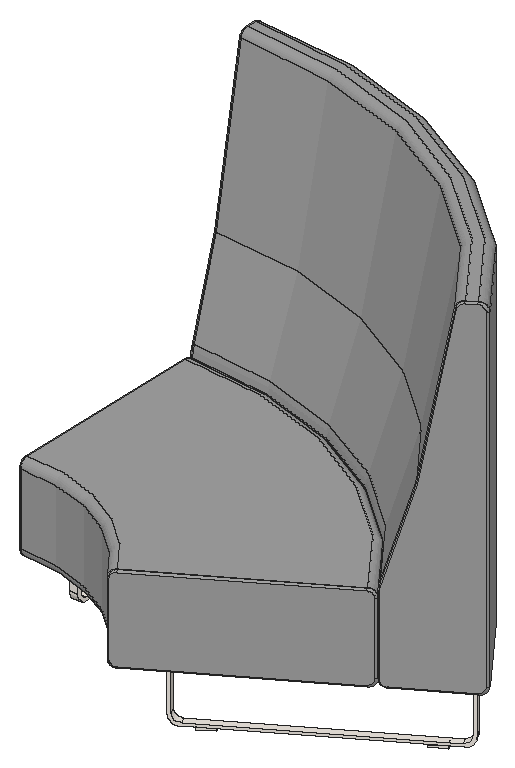
Revit family "Haworth_Riverbend_ConcaveBench60_AP_PRELIMINARY", category Furniture, Revit 2018
Family settings
  OmniClass Number = 23.40.70.14.64.21
  OmniClass Title = Systems Furniture
  Work Plane-Based = No
  Always vertical = Yes
  Cut with Voids When Loaded = No
  Shared = No
  Room Calculation Point = No
Parameters (values of type "1430w x 930d x 450h - High Back")
  Width Straight Edge = if(Small, 880 mm, 930 mm)  # 930 mm
  Warranty = "http://www.haworth.com/resources/product-info/warranties"
  URL - Product = "https://www.haworth.com/ap/en/products/sofas-armchairs/riverbend-pebble.html"
  Trim Finish = Haworth _ Paint _ Plaster
  Symbolic Line Controller = not(No Back)  # yes
  Small = not(Large)  # no
  Seat Upholstery Finish [instance] = Haworth _ Fabric _ Tellure _ Steel 3A-39
  No Back = not(or(Mid Back, High Back))  # no
  Mid Back = no
  Model = "SERICX6F"  # constant formula
  Low = no
  Large = yes
  High Back = yes
  High = not(Low)  # yes
  Description = "Haworth - Riverbend - Concave Bench - 60 Degree"  # constant formula
  URL = "https://www.haworth.com/ap/en.html"
  Size = "Verify Final Dim. w/ Haworth"  # constant formula
  Revision Number = "1"  # constant formula
  Manufacturer = "Haworth"  # constant formula
  Back Upholstery Finish [instance] = Haworth _ Fabric _ Tellure _ Steel 3A-39
  Author = "Haworth (Bentzen, Abd Rahman)"  # constant formula
  Assembly Code = "E2020200"
  Actual Width = 1430 mm  # constant formula
  Actual Height = if(Low, 390 mm, 450 mm)  # 450 mm
  Actual Depth = if(Small, 880 mm, 930 mm)  # 930 mm
Reference planes
  plane 1 "Bottom": z = 0
  plane 2 "Top": z = 450
  plane 3 "Top - Bottom of Chamfer Edge": z = 443.65
  plane 4 "Frame Bottom": z = 170.6
  plane 5 "Bottom - Top of Chamfer Edge": z = 176.95
  plane 6 "Leg Bracket - Bottom": z = 177.8
  plane 7 "Leg Bottom - Top of Bottom": z = 15.875
  plane 8 "Foot - Top of Foot": z = 6.35
  plane 9: through (-44.745, -49.082, 1219.2) normal (0.5, 0.866, 0)
  plane 10: x = -521.282
  plane 11: through (68.034, -539.021, 1219.2) normal (-0.5, 0.866, 0)
  plane 12: through (234.368, 434.356, 1219.2) normal (0.5, 0.866, 0)
  plane 13: y = 635.131
  plane 14: through (-521.483, -874.815, 1219.2) normal (-0.7071, 0.7071, 0)
  plane 15: z = 431.8
  plane 16: y = -294.869
  plane 17: y = -196.719
  plane 18 "revolve_origin": x = -514.932
  plane 19 "revolve_axis": y = -868.265
  plane 20: through (787.046, -116.567, 1219.2) normal (0.866, 0.5, 0)
  plane 21: through (61.144, -535.667, 1219.2) normal (0.866, 0.5, 0)
  plane 22: y = -535.667
  plane 23: through (-226.894, -369.368, 1219.2) normal (-0.866, 0.5, 0)
  plane 24: through (787.046, -116.567, 1219.2) normal (-0.5, 0.866, 0)
  plane 25: through (-182.336, -292.192, 1219.2) normal (0.5, 0.866, 0)
  plane 26: through (-483.354, 659.63, 1219.2) normal (-0.866, 0.5, 0)
  plane 27: through (755.062, -55.37, 1219.2) normal (-0.866, 0.5, 0)
  plane 28: through (-1452.669, 352.509, 1219.2) normal (0.5, 0.866, 0)
  plane 29: y = 357.765
Lines and regions (mm)
  Masking region 1
    outline origin (0, 0, 450) x (-1, 0, 0) y (0, -1, 0)
      loop
        line (521.282, -635.131) -> (521.282, 203.069)
        arc (521.282, 203.069) -> (182.336, 292.192) -> (-64.319, 541.166) r 665.439
        line (-64.319, 541.166) -> (-790.221, 122.066)
        arc (-790.221, 122.066) -> (-236.444, -433.158) -> (521.282, -635.131) r 1507.586
  symbolic lines, style "Haworth", visible <- "Symbolic Line Controller", detail levels medium+fine
    curve 1: arc (396.496, -349.384, 450) -> (9.458, 40.005, 450) -> (-521.282, 180.495, 450) r 1048.779
Dimensions and locks
  locked: plane 2 "Top" to plane 3 "Top - Bottom of Chamfer Edge" at 6.35
  plane 6 "Leg Bracket - Bottom" to plane 5 "Bottom - Top of Chamfer Edge" to plane 4 "Frame Bottom" = 0.85 mm locked, 6.35 mm locked
  plane 2 "Top" to plane 4 "Frame Bottom" = 279.4 mm
  "Actual Height": plane 2 "Top" to plane 1 "Bottom"
  plane 2 "Top" to plane 1 "Bottom" = 450 mm
  "Actual Width": plane 26 to plane 27
  plane 12 to plane 28 = 914.4 mm
  "Actual Depth": plane 16 to plane 13
  aligned and locked: plane 10 to nested 2
  aligned and locked: plane 13 to nested 2
  aligned and locked: plane 10 to nested 1
  aligned and locked: plane 6 "Leg Bracket - Bottom" to nested 1
  aligned and locked: plane 10 to nested 3
  aligned and locked: plane 13 to nested 3
  aligned and locked: plane 6 "Leg Bracket - Bottom" to nested 3
  aligned and locked: plane 13 to nested 1
  aligned and locked: plane 13 to nested 4
  aligned and locked: plane 10 to nested 4
  aligned and locked: plane 6 "Leg Bracket - Bottom" to nested 4
  aligned and locked: nested 4 to curve 1
  aligned and locked: nested 3 to curve 1
  aligned and locked: Masking region 1 sketch curve to plane 10
  aligned and locked: Masking region 1 sketch curve to plane 11
  aligned and locked: plane 21 to Masking region 1 sketch curve
  aligned and locked: plane 13 to Masking region 1 sketch curve
Automatic sketch dimensions
  Masking region 1 sketch curve to plane 23 = 0 mm  (x2)
  plane 18 "revolve_origin" to Masking region 1 sketch curve = 0.124 mm
  plane 18 "revolve_origin" to Masking region 1 sketch curve = 2.417 mm
  plane 14 to curve 1 = 0 mm
  curve 1 to plane 18 "revolve_origin" = 0 mm
  plane 16 to curve 1 = 54.515 mm
Nested families
  nested 1: "Haworth_Riverbend_ConcaveBench60_Small_Seat-PART" at (0, 0, -6.35), visible <- "Small", Seat Upholstery Finish <- "Seat Upholstery Finish", type "Small Seat - PART"
    with Seat Upholstery Finish Haworth _ Fabric _ Tellure _ Steel 3A-39, Symbolic Line Controller yes, No Back no, Mid Back no
  nested 2: "Haworth_Riverbend_Bench60_Base-PART" at (0, 0, 0), Trim Finish <- "Trim Finish", type "Base - PART"
    with Trim Finish Haworth _ Paint _ Plaster, Actual Depth 930 mm
  nested 3: "Haworth_Riverbend_ConcaveBench60_Back-PART" at (0, 0, -6.35), Back Upholstery Finish <- "Back Upholstery Finish", type "Back - PART"
    with Back Upholstery Finish Haworth _ Fabric _ Tellure _ Steel 3A-39, Symbolic Line Controller yes, No Back no, Mid Back no
  nested 4: "Haworth_Riverbend_ConcaveBench60_Large_Seat-PART" at (0, 0, -6.35), Seat Upholstery Finish <- "Seat Upholstery Finish", visible <- "Large", type "Large Seat - PART"
    with Seat Upholstery Finish Haworth _ Fabric _ Tellure _ Steel 3A-39, Symbolic Line Controller yes, No Back no, Mid Back no
Definition of nested family "Haworth_Riverbend_ConcaveBench60_Small_Seat-PART"
  Parameters (values of type "Small Seat - PART")
    Width Straight Edge = 880 mm  # constant formula
    Warranty = "http://www.haworth.com/resources/product-info/warranties"
    URL - Product = "http://www.haworth.com/products/seating/sofas/riverbend-pebble"
    Symbolic Line Controller = not(No Back)  # no
    Seat Upholstery Finish [instance] = none
    No Back = yes
    Mid Back = yes
    Model = "Haworth - Riverbend"  # constant formula
    High Back = yes
    Description = "Haworth - Riverbend - Concave Bench - 60 Degree - Small Seat - PART"  # constant formula
    URL = "http://www.haworth.com"
    Size = "Verify Final Dim. w/ Haworth"  # constant formula
    Revision Number = "1"  # constant formula
    Manufacturer = "Haworth"  # constant formula
    Author = "Haworth (Bentzen, Abd Rahman)"  # constant formula
    Assembly Code = "E2020200"
    Actual Width = 1480 mm  # constant formula
    Actual Height = 457.2 mm  # constant formula
    Actual Depth = 880 mm  # constant formula
  Reference planes
    plane 1 "Bottom": z = 0
    plane 2 "Top": z = 457.2
    plane 3 "Top - Bottom of Chamfer Edge": z = 450.85
    plane 4 "Frame Bottom": z = 184.15
    plane 5 "Bottom - Top of Chamfer Edge": z = 190.5
    plane 6 "Leg Bracket - Bottom": z = 177.8
    plane 7 "Leg Bottom - Top of Bottom": z = 15.875
    plane 8 "Foot - Top of Foot": z = 6.35
    plane 9: through (-44.745, -49.082, 1219.2) normal (0.5, 0.866, 0)
    plane 10: x = -521.282
    plane 11: through (68.034, -539.021, 1219.2) normal (-0.5, 0.866, 0)
    plane 12: through (234.368, 434.356, 1219.2) normal (0.5, 0.866, 0)
    plane 13: y = 635.131
    plane 14: through (-521.483, -874.815, 1219.2) normal (-0.7071, 0.7071, 0)
    plane 15: z = 431.8
    plane 16: y = -244.869
    plane 17: y = -196.719
    plane 18 "revolve_origin": x = -514.932
    plane 19 "revolve_axis": y = -868.265
    plane 20: through (787.046, -116.567, 1219.2) normal (0.866, 0.5, 0)
    plane 21: through (61.144, -535.667, 1219.2) normal (0.866, 0.5, 0)
    plane 22: y = -535.667
    plane 23: through (-226.894, -369.368, 1219.2) normal (-0.866, 0.5, 0)
    plane 24: through (787.046, -116.567, 1219.2) normal (-0.5, 0.866, 0)
    plane 25: through (-182.336, -292.192, 1219.2) normal (0.5, 0.866, 0)
    plane 26: through (-483.354, 659.63, 1219.2) normal (-0.866, 0.5, 0)
    plane 27: through (798.364, -80.37, 1219.2) normal (-0.866, 0.5, 0)
    plane 28: through (-1452.669, 352.509, 1219.2) normal (0.5, 0.866, 0)
    plane 29: y = 357.765
  Forms (mm)
    Blend 1, solid, material <- "Seat Upholstery Finish", visible <- "Symbolic Line Controller"
      base sketch origin (-521.282, -843.965, 0) x (0, -1, 0) y (0, 0, 1)
        loop
          arc (-1182.68, 450.85) -> (-1196.15, 445.27) -> (-1201.73, 431.8) r 19.05
          line (-1201.73, 431.8) -> (-1201.73, 209.55)
          arc (-1201.73, 209.55) -> (-1196.15, 196.08) -> (-1182.68, 190.5) r 19.05
          line (-1182.68, 190.5) -> (-628.796, 190.5)
          arc (-628.796, 190.5) -> (-615.326, 196.08) -> (-609.746, 209.55) r 19.05
          line (-609.746, 209.55) -> (-609.746, 431.8)
          arc (-609.746, 431.8) -> (-615.326, 445.27) -> (-628.796, 450.85) r 19.05
          line (-628.796, 450.85) -> (-1182.68, 450.85)
      top sketch origin (-521.282, -843.965, 0) x (0, -1, 0) y (0, 0, 1)
        loop
          arc (-1182.68, 457.2) -> (-1200.641, 449.761) -> (-1208.08, 431.8) r 25.4
          line (-1208.08, 431.8) -> (-1208.08, 209.55)
          arc (-1208.08, 209.55) -> (-1200.641, 191.589) -> (-1182.68, 184.15) r 25.4
          line (-1182.68, 184.15) -> (-625.304, 184.15)
          arc (-625.304, 184.15) -> (-607.343, 191.589) -> (-599.904, 209.55) r 25.4
          line (-599.904, 209.55) -> (-599.904, 431.8)
          arc (-599.904, 431.8) -> (-607.343, 449.761) -> (-625.304, 457.2) r 25.4
          line (-625.304, 457.2) -> (-1182.68, 457.2)
      from 0 to -6.35
    Revolve 2, solid, material <- "Seat Upholstery Finish", visible <- "No Back"
      sketch origin (-514.932, 0, 0) x (0, -1, 0) y (0, 0, 1)
        loop
          line (-635.131, 431.8) -> (-635.131, 209.55)
          arc (-635.131, 209.55) -> (-627.691, 191.589) -> (-609.731, 184.15) r 25.4
          line (-609.731, 184.15) -> (219.469, 184.15)
          arc (219.469, 184.15) -> (237.43, 191.589) -> (244.869, 209.55) r 25.4
          line (244.869, 209.55) -> (244.869, 431.8)
          arc (244.869, 431.8) -> (237.43, 449.761) -> (219.469, 457.2) r 25.4
          line (219.469, 457.2) -> (-609.731, 457.2)
          arc (-609.731, 457.2) -> (-627.691, 449.761) -> (-635.131, 431.8) r 25.4
        axis (868.265, 457.2) -> (868.265, 184.15)
      angle from 0 to 60
    Revolve 3, solid, material <- "Seat Upholstery Finish", visible <- "Symbolic Line Controller"
      sketch origin (-514.932, 0, 0) x (0, -1, 0) y (0, 0, 1)
        loop
          line (-364.115, 431.8) -> (-364.115, 209.55)
          arc (-364.115, 209.55) -> (-356.675, 191.589) -> (-338.715, 184.15) r 25.4
          line (-338.715, 184.15) -> (219.469, 184.15)
          arc (219.469, 184.15) -> (237.43, 191.589) -> (244.869, 209.55) r 25.4
          line (244.869, 209.55) -> (244.869, 431.8)
          arc (244.869, 431.8) -> (237.43, 449.761) -> (219.469, 457.2) r 25.4
          line (219.469, 457.2) -> (-338.715, 457.2)
          arc (-338.715, 457.2) -> (-356.675, 449.761) -> (-364.115, 431.8) r 25.4
        axis (868.265, 457.2) -> (868.265, 184.15)
      angle from 0 to 60
    Blend 4, solid, material <- "Seat Upholstery Finish", visible <- "No Back"
      base sketch origin (-21.3, -590.598, 0) x (-0.866025, -0.5, 0) y (0, 0, -1)
        loop
          line (-911.664, -450.85) -> (-86.764, -450.85)
          arc (-86.764, -450.85) -> (-73.294, -445.27) -> (-67.714, -431.8) r 19.05
          line (-67.714, -431.8) -> (-67.714, -209.55)
          arc (-67.714, -209.55) -> (-73.294, -196.08) -> (-86.764, -190.5) r 19.05
          line (-86.764, -190.5) -> (-911.664, -190.5)
          arc (-911.664, -190.5) -> (-925.134, -196.08) -> (-930.714, -209.55) r 19.05
          line (-930.714, -209.55) -> (-930.714, -431.8)
          arc (-930.714, -431.8) -> (-925.134, -445.27) -> (-911.664, -450.85) r 19.05
      top sketch origin (-21.3, -590.598, 0) x (-0.866025, -0.5, 0) y (0, 0, -1)
        loop
          line (-911.664, -457.2) -> (-83.272, -457.2)
          arc (-83.272, -457.2) -> (-65.311, -449.761) -> (-57.872, -431.8) r 25.4
          line (-57.872, -431.8) -> (-57.872, -209.55)
          arc (-57.872, -209.55) -> (-65.311, -191.589) -> (-83.272, -184.15) r 25.4
          line (-83.272, -184.15) -> (-911.664, -184.15)
          arc (-911.664, -184.15) -> (-929.625, -191.589) -> (-937.064, -209.55) r 25.4
          line (-937.064, -209.55) -> (-937.064, -431.8)
          arc (-937.064, -431.8) -> (-929.625, -449.761) -> (-911.664, -457.2) r 25.4
      from 0 to -6.35
    Blend 5, solid, material <- "Seat Upholstery Finish", visible <- "No Back"
      base sketch origin (-521.282, -301.933, 0) x (0, -1, 0) y (0, 0, 1)
        loop
          arc (-911.664, 450.85) -> (-925.134, 445.27) -> (-930.714, 431.8) r 19.05
          line (-930.714, 431.8) -> (-930.714, 209.55)
          arc (-930.714, 209.55) -> (-925.134, 196.08) -> (-911.664, 190.5) r 19.05
          line (-911.664, 190.5) -> (-86.764, 190.5)
          arc (-86.764, 190.5) -> (-73.294, 196.08) -> (-67.714, 209.55) r 19.05
          line (-67.714, 209.55) -> (-67.714, 431.8)
          arc (-67.714, 431.8) -> (-73.294, 445.27) -> (-86.764, 450.85) r 19.05
          line (-86.764, 450.85) -> (-911.664, 450.85)
      top sketch origin (-521.282, -301.933, 0) x (0, -1, 0) y (0, 0, 1)
        loop
          arc (-911.664, 457.2) -> (-929.625, 449.761) -> (-937.064, 431.8) r 25.4
          line (-937.064, 431.8) -> (-937.064, 209.55)
          arc (-937.064, 209.55) -> (-929.625, 191.589) -> (-911.664, 184.15) r 25.4
          line (-911.664, 184.15) -> (-83.272, 184.15)
          arc (-83.272, 184.15) -> (-65.311, 191.589) -> (-57.872, 209.55) r 25.4
          line (-57.872, 209.55) -> (-57.872, 431.8)
          arc (-57.872, 431.8) -> (-65.311, 449.761) -> (-83.272, 457.2) r 25.4
          line (-83.272, 457.2) -> (-911.664, 457.2)
      from 0 to -6.35
    Blend 6, solid, material <- "Seat Upholstery Finish", visible <- "Symbolic Line Controller"
      base sketch origin (-490.713, -861.614, 0) x (-0.866025, -0.5, 0) y (0, 0, -1)
        loop
          line (-1182.68, -450.85) -> (-628.796, -450.85)
          arc (-628.796, -450.85) -> (-615.326, -445.27) -> (-609.746, -431.8) r 19.05
          line (-609.746, -431.8) -> (-609.746, -209.55)
          arc (-609.746, -209.55) -> (-615.326, -196.08) -> (-628.796, -190.5) r 19.05
          line (-628.796, -190.5) -> (-1182.68, -190.5)
          arc (-1182.68, -190.5) -> (-1196.15, -196.08) -> (-1201.73, -209.55) r 19.05
          line (-1201.73, -209.55) -> (-1201.73, -431.8)
          arc (-1201.73, -431.8) -> (-1196.15, -445.27) -> (-1182.68, -450.85) r 19.05
      top sketch origin (-490.713, -861.614, 0) x (-0.866025, -0.5, 0) y (0, 0, -1)
        loop
          line (-1182.68, -457.2) -> (-625.304, -457.2)
          arc (-625.304, -457.2) -> (-607.343, -449.761) -> (-599.904, -431.8) r 25.4
          line (-599.904, -431.8) -> (-599.904, -209.55)
          arc (-599.904, -209.55) -> (-607.343, -191.589) -> (-625.304, -184.15) r 25.4
          line (-625.304, -184.15) -> (-1182.68, -184.15)
          arc (-1182.68, -184.15) -> (-1200.641, -191.589) -> (-1208.08, -209.55) r 25.4
          line (-1208.08, -209.55) -> (-1208.08, -431.8)
          arc (-1208.08, -431.8) -> (-1200.641, -449.761) -> (-1182.68, -457.2) r 25.4
      from 0 to -6.35
  Lines and regions (mm)
    Masking region 1
      outline origin (0, 0, 457.2) x (-1, 0, 0) y (0, -1, 0)
        loop
          line (521.282, -635.131) -> (521.282, 203.069)
          arc (521.282, 203.069) -> (182.336, 292.192) -> (-64.319, 541.166) r 665.439
          line (-64.319, 541.166) -> (-790.221, 122.066)
          arc (-790.221, 122.066) -> (-236.444, -433.158) -> (521.282, -635.131) r 1507.586
    symbolic lines, visible <- "Symbolic Line Controller", detail levels medium+fine
      curve 1: arc (479.94, -293.875, 457.2) -> (59.458, 126.607, 457.2) -> (-514.932, 280.515, 457.2) r 1148.779
  Dimensions and locks
    locked: plane 2 "Top" to plane 3 "Top - Bottom of Chamfer Edge" at 6.35
    locked: plane 5 "Bottom - Top of Chamfer Edge" to plane 4 "Frame Bottom" at 6.35
    plane 2 "Top" to plane 4 "Frame Bottom" = 273.05 mm
    "Actual Height": plane 2 "Top" to plane 1 "Bottom"
    plane 2 "Top" to plane 1 "Bottom" = 457.2 mm
    "Actual Width": plane 26 to plane 27
    plane 12 to plane 28 = 914.4 mm
    "Actual Depth": plane 16 to plane 13
  Automatic sketch dimensions
    curve 1 to plane 24 = 0 mm
    curve 1 to plane 18 "revolve_origin" = 0 mm
    plane 14 to curve 1 = 0 mm
    plane 16 to curve 1 = 49.006 mm
    Blend 1 sketch curve to plane 15 = 0 mm  (x3)
    Blend 1 sketch curve to plane 29 = 0 mm
    Blend 1 sketch curve to plane 3 "Top - Bottom of Chamfer Edge" = 0 mm
    Blend 1 sketch curve to plane 5 "Bottom - Top of Chamfer Edge" = 0 mm
    plane 29 to Blend 1 sketch curve = 19.05 mm  (x2)
    plane 17 to Blend 1 sketch curve = 18.45 mm  (x2)
    Blend 1 sketch curve to plane 4 "Frame Bottom" = 0 mm
    Blend 1 sketch curve to plane 2 "Top" = 0 mm
    plane 15 to Blend 1 sketch curve = 0 mm
    Blend 1 sketch curve to plane 16 = 0.808 mm
    plane 17 to Blend 1 sketch curve = 21.942 mm
    plane 5 "Bottom - Top of Chamfer Edge" to Blend 1 sketch curve = 19.05 mm
    Revolve 2 sketch curve to plane 13 = 0 mm
    Revolve 2 sketch curve to plane 4 "Frame Bottom" = 0 mm
    Revolve 2 sketch curve to plane 2 "Top" = 0 mm  (x2)
    Revolve 2 sketch curve to plane 15 = 0 mm
    plane 15 to Revolve 2 sketch curve = 0 mm
    Revolve 2 sketch curve to plane 16 = 0 mm
    Revolve 2 sketch curve to plane 19 "revolve_axis" = 0 mm
    plane 5 "Bottom - Top of Chamfer Edge" to Revolve 2 sketch curve = 19.05 mm  (x2)
    plane 5 "Bottom - Top of Chamfer Edge" to Revolve 2 sketch curve = 63.5 mm
    Revolve 3 sketch curve to plane 15 = 0 mm
    Revolve 3 sketch curve to plane 4 "Frame Bottom" = 0 mm
    Revolve 3 sketch curve to plane 2 "Top" = 0 mm  (x2)
    plane 15 to Revolve 3 sketch curve = 0 mm
    Revolve 3 sketch curve to plane 16 = 0 mm
    Revolve 3 sketch curve to plane 19 "revolve_axis" = 0 mm
    plane 5 "Bottom - Top of Chamfer Edge" to Revolve 3 sketch curve = 19.05 mm
    plane 29 to Revolve 3 sketch curve = 19.05 mm  (x2)
    plane 5 "Bottom - Top of Chamfer Edge" to Revolve 3 sketch curve = 63.5 mm
    Masking region 1 sketch curve to plane 11 = 0 mm  (x2)
    Masking region 1 sketch curve to plane 20 = 0 mm
    Masking region 1 sketch curve to plane 21 = 0 mm
    Masking region 1 sketch curve to plane 23 = 0 mm  (x2)
    Masking region 1 sketch curve to plane 10 = 0 mm
    plane 18 "revolve_origin" to Masking region 1 sketch curve = 0.124 mm
    plane 18 "revolve_origin" to Masking region 1 sketch curve = 2.417 mm
    Blend 4 sketch curve to plane 15 = 0 mm  (x4)
    Blend 4 sketch curve to plane 3 "Top - Bottom of Chamfer Edge" = 0 mm
    Blend 4 sketch curve to plane 5 "Bottom - Top of Chamfer Edge" = 0 mm
    Blend 4 sketch curve to plane 20 = 6.35 mm
    Blend 4 sketch curve to plane 20 = 25.4 mm  (x2)
    Blend 4 sketch curve to plane 21 = 12.1 mm  (x2)
    Blend 4 sketch curve to plane 20 = 0 mm
    Blend 4 sketch curve to plane 4 "Frame Bottom" = 0 mm
    Blend 4 sketch curve to plane 2 "Top" = 0 mm
    Blend 4 sketch curve to plane 21 = 15.592 mm  (x2)
    Blend 5 sketch curve to plane 15 = 0 mm  (x3)
    Blend 5 sketch curve to plane 3 "Top - Bottom of Chamfer Edge" = 0 mm
    Blend 5 sketch curve to plane 5 "Bottom - Top of Chamfer Edge" = 0 mm
    plane 13 to Blend 5 sketch curve = 6.35 mm
    plane 13 to Blend 5 sketch curve = 25.4 mm  (x2)
    plane 17 to Blend 5 sketch curve = 18.45 mm  (x2)
    Blend 5 sketch curve to plane 13 = 0 mm
    Blend 5 sketch curve to plane 4 "Frame Bottom" = 0 mm
    Blend 5 sketch curve to plane 2 "Top" = 0 mm
    plane 15 to Blend 5 sketch curve = 0 mm
    plane 17 to Blend 5 sketch curve = 21.942 mm  (x2)
    Blend 6 sketch curve to plane 15 = 0 mm  (x4)
    Blend 6 sketch curve to plane 3 "Top - Bottom of Chamfer Edge" = 0 mm
    Blend 6 sketch curve to plane 5 "Bottom - Top of Chamfer Edge" = 0 mm
    plane 5 "Bottom - Top of Chamfer Edge" to Blend 6 sketch curve = 19.05 mm  (x2)
    Blend 6 sketch curve to plane 20 = 277.366 mm
    Blend 6 sketch curve to plane 21 = 12.1 mm  (x2)
    Blend 6 sketch curve to plane 4 "Frame Bottom" = 0 mm
    Blend 6 sketch curve to plane 2 "Top" = 0 mm
    Blend 6 sketch curve to plane 20 = 271.016 mm
    Blend 6 sketch curve to plane 21 = 15.592 mm  (x2)
Definition of nested family "Haworth_Riverbend_Bench60_Base-PART"
  Parameters (values of type "Base - PART")
    Width Straight Edge = 838.2 mm  # constant formula
    Warranty = "http://www.haworth.com/resources/product-info/warranties"
    URL - Product = "http://www.haworth.com/products/seating/sofas/riverbend-pebble"
    Trim Finish [instance] = none
    Model = "Haworth - Riverbend"  # constant formula
    Description = "Haworth - Riverbend - Bench 60 Degree - Base - PART"  # constant formula
    URL = "http://www.haworth.com"
    Size = "Verify Final Dim. w/ Haworth"  # constant formula
    Revision Number = "1"  # constant formula
    Manufacturer = "Haworth"  # constant formula
    Author = "Haworth (Bentzen, Abd Rahman)"  # constant formula
    Assembly Code = "E2020200"
    Actual Width = 1480 mm  # constant formula
    Actual Height = 450 mm
    Actual Depth = 838.2 mm
  Reference planes
    plane 1 "Bottom": z = 0
    plane 2 "Top": z = 450
    plane 3 "Top - Bottom of Chamfer Edge": z = 443.65
    plane 4 "Frame Bottom": z = 176.95
    plane 5 "Bottom - Top of Chamfer Edge": z = 183.3
    plane 6 "Leg Bracket - Bottom": z = 170.6
    plane 7 "Leg Bottom - Top of Bottom": z = 15.875
    plane 8 "Foot - Top of Foot": z = 6.35
    plane 9: through (-44.745, -49.082, 1219.2) normal (0.5, 0.866, 0)
    plane 10: x = -521.282
    plane 11: through (68.034, -539.021, 1219.2) normal (-0.5, 0.866, 0)
    plane 12: through (234.368, 434.356, 1219.2) normal (0.5, 0.866, 0)
    plane 13: y = 635.131
    plane 14: through (-521.483, -874.815, 1219.2) normal (-0.7071, 0.7071, 0)
    plane 15: z = 431.8
    plane 16: y = -203.069
    plane 17: y = -196.719
    plane 18 "revolve_origin": x = -514.932
    plane 19 "revolve_axis": y = -868.265
    plane 20: through (787.046, -116.567, 1219.2) normal (0.866, 0.5, 0)
    plane 21: through (61.144, -535.667, 1219.2) normal (0.866, 0.5, 0)
    plane 22: y = -535.667
    plane 23: through (-226.894, -369.368, 1219.2) normal (-0.866, 0.5, 0)
    plane 24: through (787.046, -116.567, 1219.2) normal (-0.5, 0.866, 0)
    plane 25: through (-182.336, -292.192, 1219.2) normal (0.5, 0.866, 0)
    plane 26: through (-483.354, 659.63, 1219.2) normal (-0.866, 0.5, 0)
    plane 27: through (792.475, -76.97, 1219.2) normal (-0.866, 0.5, 0)
    plane 28: through (-1452.669, 352.509, 1219.2) normal (0.5, 0.866, 0)
    plane 29: y = 357.765
  Forms (mm)
    Extrusion 1, solid, material <- "Trim Finish"
      sketch origin (462.096, -356.54, 0) x (-0.866025, -0.5, 0) y (0, 0, 1)
        loop
          line (-365.606, 170.6) -> (-365.606, 38.1)
          arc (-365.606, 38.1) -> (-356.307, 15.649) -> (-333.856, 6.35) r 31.75
          line (-333.856, 6.35) -> (357.542, 6.35)
          arc (357.542, 6.35) -> (379.993, 15.649) -> (389.292, 38.1) r 31.75
          line (389.292, 38.1) -> (389.292, 170.6) -> (379.761, 170.6) -> (379.761, 41.275)
          arc (379.761, 41.275) -> (372.321, 23.314) -> (354.361, 15.875) r 25.4
          line (354.361, 15.875) -> (-330.681, 15.875)
          arc (-330.681, 15.875) -> (-348.642, 23.314) -> (-356.081, 41.275) r 25.4
          line (-356.081, 41.275) -> (-356.081, 170.6) -> (-365.606, 170.6)
      from 87.4 to 112.8
    Extrusion 2, solid, material <- "Trim Finish"
      sketch origin (1483.16, 297.823, 457.2) x (-0.5, 0.866025, 0) y (-0.866025, -0.5, 0)
        loop
          line (31.238, 915.768) -> (56.637, 915.768) -> (56.637, 966.568) -> (31.238, 966.568) -> (31.238, 915.768)
      from -457.2 to -450.85
    Extrusion 3, solid, material <- "Trim Finish"
      sketch origin (1533.414, 326.837, 457.2) x (-0.5, 0.866025, 0) y (-0.866025, -0.5, 0)
        loop
          line (31.238, 1588.838) -> (31.238, 1538.038) -> (56.637, 1538.038) -> (56.637, 1588.838) -> (31.238, 1588.838)
      from -457.2 to -450.85
    Extrusion 4, solid, material <- "Trim Finish"
      sketch origin (1483.16, 297.823, 457.2) x (-0.5, 0.866025, 0) y (-0.866025, -0.5, 0)
        loop
          line (20.735, 845.843) -> (81.06, 845.843) -> (81.06, 906.168) -> (20.735, 906.168) -> (20.735, 845.843)
      from -286.6 to -280.25
    Extrusion 5, solid, material <- "Trim Finish"
      sketch origin (1972.532, 580.362, 457.2) x (-0.5, 0.866025, 0) y (-0.866025, -0.5, 0)
        loop
          line (20.735, 2165.819) -> (20.735, 2105.488) -> (81.06, 2105.488) -> (81.06, 2165.819) -> (20.735, 2165.819)
      from -286.6 to -280.25
    Extrusion 6, solid, material <- "Trim Finish"
      sketch origin (-564.433, 236.127, 0) x (0, -1, 0) y (0, 0, -1)
        loop
          line (-359.214, -170.6) -> (-349.689, -170.6) -> (-349.689, -41.275)
          arc (-349.689, -41.275) -> (-342.25, -23.314) -> (-324.289, -15.875) r 25.4
          line (-324.289, -15.875) -> (354.361, -15.875)
          arc (354.361, -15.875) -> (372.321, -23.314) -> (379.761, -41.275) r 25.4
          line (379.761, -41.275) -> (379.761, -170.6) -> (389.292, -170.6) -> (389.292, -38.1)
          arc (389.292, -38.1) -> (379.993, -15.649) -> (357.542, -6.35) r 31.75
          line (357.542, -6.35) -> (-327.464, -6.35)
          arc (-327.464, -6.35) -> (-349.915, -15.649) -> (-359.214, -38.1) r 31.75
          line (-359.214, -38.1) -> (-359.214, -170.6)
      from 87.4 to 112.8
    Extrusion 7, solid, material <- "Trim Finish"
      sketch origin (-508.27, 1447.576, 457.2) x (1, 0, 0) y (0, 1, 0)
        loop
          line (31.238, -922.16) -> (31.238, -972.96) -> (56.637, -972.96) -> (56.637, -922.16) -> (31.238, -922.16)
      from -457.2 to -450.85
    Extrusion 8, solid, material <- "Trim Finish"
      sketch origin (-508.27, 1505.604, 457.2) x (1, 0, 0) y (0, 1, 0)
        loop
          line (31.238, -1588.838) -> (56.637, -1588.838) -> (56.637, -1538.038) -> (31.238, -1538.038) -> (31.238, -1588.838)
      from -457.2 to -450.85
    Extrusion 9, solid, material <- "Trim Finish"
      sketch origin (-508.27, 1447.576, 457.2) x (1, 0, 0) y (0, 1, 0)
        loop
          line (31.238, -852.235) -> (31.238, -912.56) -> (91.562, -912.56) -> (91.562, -852.235) -> (31.238, -852.235)
      from -286.6 to -280.25
    Extrusion 10, solid, material <- "Trim Finish"
      sketch origin (-508.27, 2012.654, 457.2) x (1, 0, 0) y (0, 1, 0)
        loop
          line (31.238, -2165.819) -> (91.562, -2165.819) -> (91.562, -2105.488) -> (31.238, -2105.488) -> (31.238, -2165.819)
      from -286.6 to -280.25
    Extrusion 11, solid, material <- "Trim Finish"
      sketch origin (161.977, 483.771, 0) x (-0.5, -0.866025, 0) y (0, 0, -1)
        loop
          line (46.386, -170.6) -> (55.911, -170.6) -> (55.911, -41.275)
          arc (55.911, -41.275) -> (63.35, -23.314) -> (81.311, -15.875) r 25.4
          line (81.311, -15.875) -> (354.361, -15.875)
          arc (354.361, -15.875) -> (372.321, -23.314) -> (379.761, -41.275) r 25.4
          line (379.761, -41.275) -> (379.761, -170.6) -> (389.286, -170.6) -> (389.286, -38.1)
          arc (389.286, -38.1) -> (379.987, -15.649) -> (357.536, -6.35) r 31.75
          line (357.536, -6.35) -> (78.136, -6.35)
          arc (78.136, -6.35) -> (55.685, -15.649) -> (46.386, -38.1) r 31.75
          line (46.386, -38.1) -> (46.386, -170.6)
      from 87.4 to 112.8
    Extrusion 12, solid, material <- "Trim Finish"
      sketch origin (613.54, 1153.576, 457.2) x (0.866025, -0.5, 0) y (0.5, 0.866025, 0)
        loop
          line (31.238, -922.16) -> (31.238, -972.96) -> (56.637, -972.96) -> (56.637, -922.16) -> (31.238, -922.16)
      from -457.2 to -450.85
    Extrusion 13, solid, material <- "Trim Finish"
      sketch origin (845.354, 1555.089, 457.2) x (0.866025, -0.5, 0) y (0.5, 0.866025, 0)
        loop
          line (31.238, -1588.838) -> (56.637, -1588.838) -> (56.637, -1538.038) -> (31.238, -1538.038) -> (31.238, -1588.838)
      from -457.2 to -450.85
    Extrusion 14, solid, material <- "Trim Finish"
      sketch origin (613.54, 1153.576, 457.2) x (0.866025, -0.5, 0) y (0.5, 0.866025, 0)
        loop
          line (31.238, -852.235) -> (31.238, -912.56) -> (91.562, -912.56) -> (91.562, -852.235) -> (31.238, -852.235)
      from -286.6 to -280.25
    Extrusion 15, solid, material <- "Trim Finish"
      sketch origin (1098.879, 1994.208, 457.2) x (0.866025, -0.5, 0) y (0.5, 0.866025, 0)
        loop
          line (31.238, -2165.813) -> (91.562, -2165.813) -> (91.562, -2105.488) -> (31.238, -2105.488) -> (31.238, -2165.813)
      from -286.6 to -280.25
  Lines and regions (mm)
    Masking region 1
      outline origin (0, 0, 450) x (-1, 0, 0) y (0, -1, 0)
        loop
          line (451.633, 118.234) -> (451.633, -560.416) -> (477.033, -560.416) -> (477.033, 118.234) -> (451.633, 118.234)
        loop
          line (-82.484, -120.486) -> (-219.009, -356.954) -> (-197.012, -369.654) -> (-60.487, -133.186) -> (-82.484, -120.486)
        loop
          line (-692.075, 93.512) -> (-98.811, 436.033) -> (-111.511, 458.03) -> (-704.775, 115.509) -> (-692.075, 93.512)
  Dimensions and locks
    locked: plane 2 "Top" to plane 3 "Top - Bottom of Chamfer Edge" at 6.35
    plane 2 "Top" to plane 4 "Frame Bottom" = 273.05 mm
    "Actual Height": plane 2 "Top" to plane 1 "Bottom"
    plane 2 "Top" to plane 1 "Bottom" = 450 mm
    Extrusion 1 sketch curve to Extrusion 1 sketch curve = 9.525 mm  (x2)
    Extrusion 1 sketch curve to Extrusion 1 sketch curve = 9.531 mm
    Extrusion 6 sketch curve to Extrusion 6 sketch curve = 9.525 mm  (x2)
    Extrusion 6 sketch curve to Extrusion 6 sketch curve = 9.531 mm
    Extrusion 11 sketch curve to Extrusion 11 sketch curve = 9.525 mm  (x3)
    plane 26 to plane 27 = 1473.2 mm
    plane 12 to plane 28 = 914.4 mm
    "Actual Depth": plane 16 to plane 13
    plane 5 "Bottom - Top of Chamfer Edge" to plane 4 "Frame Bottom" to plane 6 "Leg Bracket - Bottom" = 6.35 mm locked, 6.35 mm locked
    aligned and locked: Extrusion 3 to plane 1 "Bottom"
    aligned and locked: Extrusion 3 to plane 8 "Foot - Top of Foot"
    aligned and locked: Extrusion 2 to plane 8 "Foot - Top of Foot"
    aligned and locked: Extrusion 2 to plane 1 "Bottom"
    aligned and locked: plane 6 "Leg Bracket - Bottom" to Extrusion 1  (x2)
    aligned and locked: Extrusion 1 to plane 7 "Leg Bottom - Top of Bottom"
    aligned and locked: plane 8 "Foot - Top of Foot" to Extrusion 1
    aligned and locked: Extrusion 5 to plane 6 "Leg Bracket - Bottom"
    aligned and locked: plane 4 "Frame Bottom" to Extrusion 5
    aligned and locked: Extrusion 4 to plane 6 "Leg Bracket - Bottom"
    aligned and locked: plane 4 "Frame Bottom" to Extrusion 4
    aligned and locked: Extrusion 10 to plane 6 "Leg Bracket - Bottom"
    aligned and locked: plane 4 "Frame Bottom" to Extrusion 10
    aligned and locked: Extrusion 9 to plane 6 "Leg Bracket - Bottom"
    aligned and locked: plane 4 "Frame Bottom" to Extrusion 9
    aligned and locked: Extrusion 15 to plane 6 "Leg Bracket - Bottom"
    aligned and locked: plane 4 "Frame Bottom" to Extrusion 15
    aligned and locked: Extrusion 14 to plane 6 "Leg Bracket - Bottom"
    aligned and locked: plane 4 "Frame Bottom" to Extrusion 14
  Automatic sketch dimensions
    plane 6 "Leg Bracket - Bottom" to Extrusion 1 sketch curve = 0 mm  (x2)
    Extrusion 1 sketch curve to plane 8 "Foot - Top of Foot" = 0 mm
    Extrusion 1 sketch curve to plane 7 "Leg Bottom - Top of Bottom" = 22.225 mm
    Extrusion 1 sketch curve to plane 20 = 35.795 mm
    Extrusion 1 sketch curve to Extrusion 1 sketch curve = 3.175 mm
    Extrusion 1 sketch curve to plane 7 "Leg Bottom - Top of Bottom" = 25.4 mm
    plane 21 to Extrusion 1 sketch curve = 82.437 mm
    Extrusion 1 sketch curve to Extrusion 1 sketch curve = 3.181 mm
    Extrusion 2 sketch curve to plane 24 = 42.052 mm
    Extrusion 2 sketch curve to Extrusion 2 sketch curve = 25.4 mm
    Extrusion 2 sketch curve to plane 20 = 105.72 mm
    Extrusion 2 sketch curve to Extrusion 2 sketch curve = 50.8 mm
    Extrusion 3 sketch curve to plane 24 = 42.052 mm
    Extrusion 3 sketch curve to Extrusion 3 sketch curve = 25.4 mm
    plane 21 to Extrusion 3 sketch curve = 168.237 mm
    Extrusion 3 sketch curve to Extrusion 3 sketch curve = 50.8 mm
    Extrusion 4 sketch curve to plane 24 = 31.55 mm
    Extrusion 4 sketch curve to Extrusion 4 sketch curve = 60.325 mm  (x2)
    Extrusion 4 sketch curve to plane 20 = 35.795 mm
    Extrusion 5 sketch curve to plane 24 = 31.55 mm
    Extrusion 5 sketch curve to Extrusion 5 sketch curve = 60.325 mm
    plane 21 to Extrusion 5 sketch curve = 107.837 mm
    plane 21 to Extrusion 5 sketch curve = 47.506 mm
    Extrusion 6 sketch curve to plane 6 "Leg Bracket - Bottom" = 0 mm  (x2)
    plane 8 "Foot - Top of Foot" to Extrusion 6 sketch curve = 0 mm
    Extrusion 6 sketch curve to plane 7 "Leg Bottom - Top of Bottom" = 22.225 mm
    plane 13 to Extrusion 6 sketch curve = 39.79 mm
    Extrusion 6 sketch curve to Extrusion 6 sketch curve = 3.175 mm
    Extrusion 6 sketch curve to plane 7 "Leg Bottom - Top of Bottom" = 25.4 mm
    Extrusion 6 sketch curve to plane 17 = 78.485 mm
    Extrusion 6 sketch curve to Extrusion 6 sketch curve = 3.181 mm
    Extrusion 7 sketch curve to plane 18 "revolve_origin" = 37.9 mm
    Extrusion 7 sketch curve to Extrusion 7 sketch curve = 25.4 mm
    Extrusion 7 sketch curve to plane 29 = 116.851 mm
    Extrusion 7 sketch curve to Extrusion 7 sketch curve = 50.8 mm
    Extrusion 8 sketch curve to plane 18 "revolve_origin" = 37.9 mm
    Extrusion 8 sketch curve to Extrusion 8 sketch curve = 25.4 mm
    Extrusion 8 sketch curve to plane 17 = 113.485 mm
    Extrusion 8 sketch curve to Extrusion 8 sketch curve = 50.8 mm
    Extrusion 9 sketch curve to plane 18 "revolve_origin" = 37.9 mm
    Extrusion 9 sketch curve to Extrusion 9 sketch curve = 60.325 mm
    plane 13 to Extrusion 9 sketch curve = 100.115 mm
    plane 13 to Extrusion 9 sketch curve = 39.79 mm
    Extrusion 10 sketch curve to plane 18 "revolve_origin" = 37.9 mm
    Extrusion 10 sketch curve to Extrusion 10 sketch curve = 60.325 mm
    Extrusion 10 sketch curve to plane 17 = 43.554 mm
    Extrusion 10 sketch curve to Extrusion 10 sketch curve = 60.331 mm
    Extrusion 11 sketch curve to plane 6 "Leg Bracket - Bottom" = 0 mm  (x2)
    plane 8 "Foot - Top of Foot" to Extrusion 11 sketch curve = 0 mm
    Extrusion 11 sketch curve to plane 7 "Leg Bottom - Top of Bottom" = 22.225 mm
    Extrusion 11 sketch curve to plane 12 = 39.787 mm
    Extrusion 11 sketch curve to Extrusion 11 sketch curve = 3.175 mm  (x2)
    Extrusion 11 sketch curve to plane 7 "Leg Bottom - Top of Bottom" = 25.4 mm
    plane 9 to Extrusion 11 sketch curve = 210.465 mm
    plane 23 to Extrusion 12 sketch curve = 2.398 mm
    Extrusion 12 sketch curve to plane 23 = 23.002 mm
    Extrusion 12 sketch curve to plane 12 = 160.512 mm
    Extrusion 12 sketch curve to Extrusion 12 sketch curve = 50.8 mm
    plane 23 to Extrusion 13 sketch curve = 2.398 mm
    Extrusion 13 sketch curve to plane 23 = 23.002 mm
    plane 9 to Extrusion 13 sketch curve = 245.465 mm
    Extrusion 13 sketch curve to Extrusion 13 sketch curve = 50.8 mm
    plane 23 to Extrusion 14 sketch curve = 2.398 mm
    Extrusion 14 sketch curve to plane 23 = 57.927 mm
    Extrusion 14 sketch curve to plane 12 = 100.112 mm
    Extrusion 14 sketch curve to plane 12 = 39.787 mm
    plane 23 to Extrusion 15 sketch curve = 2.398 mm
    Extrusion 15 sketch curve to plane 23 = 57.927 mm
    plane 9 to Extrusion 15 sketch curve = 175.54 mm
    Extrusion 15 sketch curve to Extrusion 15 sketch curve = 60.325 mm
    Masking region 1 sketch curve to plane 18 "revolve_origin" = 63.3 mm
    Masking region 1 sketch curve to Masking region 1 sketch curve = 25.4 mm
    plane 13 to Masking region 1 sketch curve = 74.715 mm
    Masking region 1 sketch curve to plane 17 = 78.485 mm
    plane 29 to Masking region 1 sketch curve = 224.579 mm
    Masking region 1 sketch curve to Masking region 1 sketch curve = 512.12 mm
    plane 29 to Masking region 1 sketch curve = 237.279 mm
    Masking region 1 sketch curve to Masking region 1 sketch curve = 21.997 mm
    Masking region 1 sketch curve to plane 29 = 11.889 mm
    Masking region 1 sketch curve to plane 17 = 103.208 mm
    Masking region 1 sketch curve to Masking region 1 sketch curve = 609.59 mm
    Masking region 1 sketch curve to plane 17 = 81.211 mm
    Masking region 1 sketch curve to Masking region 1 sketch curve = 12.7 mm
    plane 22 to Masking region 1 sketch curve = 77.637 mm
Definition of nested family "Haworth_Riverbend_ConcaveBench60_Back-PART"
  Parameters (values of type "Back - PART")
    Width Straight Edge = 880 mm  # constant formula
    Warranty = "http://www.haworth.com/resources/product-info/warranties"
    URL - Product = "http://www.haworth.com/products/seating/sofas/riverbend-pebble"
    Symbolic Line Controller = not(No Back)  # no
    No Back = yes
    Mid Back = yes
    Model = "Haworth - Riverbend"  # constant formula
    High Back = yes
    Description = "Haworth - Riverbend - Concave Bench - 60 Degree - Back - PART"  # constant formula
    URL = "http://www.haworth.com"
    Size = "Verify Final Dim. w/ Haworth"  # constant formula
    Revision Number = "1"  # constant formula
    Manufacturer = "Haworth"  # constant formula
    Back Upholstery Finish [instance] = none
    Author = "Haworth (Bentzen, Abd Rahman)"  # constant formula
    Assembly Code = "E2020200"
    Actual Width = 1430 mm  # constant formula
    Actual Height = 457.2 mm  # constant formula
    Actual Depth = 880 mm  # constant formula
  Reference planes
    plane 1 "Bottom": z = 0
    plane 2 "Top": z = 457.2
    plane 3 "Top - Bottom of Chamfer Edge": z = 450.85
    plane 4 "Frame Bottom": z = 184.15
    plane 5 "Bottom - Top of Chamfer Edge": z = 190.5
    plane 6 "Leg Bracket - Bottom": z = 177.8
    plane 7 "Leg Bottom - Top of Bottom": z = 15.875
    plane 8 "Foot - Top of Foot": z = 6.35
    plane 9: through (-44.745, -49.082, 1219.2) normal (0.5, 0.866, 0)
    plane 10: x = -521.282
    plane 11: through (68.034, -539.021, 1219.2) normal (-0.5, 0.866, 0)
    plane 12: through (234.368, 434.356, 1219.2) normal (0.5, 0.866, 0)
    plane 13: y = 635.131
    plane 14: through (-521.483, -874.815, 1219.2) normal (-0.7071, 0.7071, 0)
    plane 15: z = 431.8
    plane 16: y = -244.869
    plane 17: y = -196.719
    plane 18 "revolve_origin": x = -514.932
    plane 19 "revolve_axis": y = -868.265
    plane 20: through (787.046, -116.567, 1219.2) normal (0.866, 0.5, 0)
    plane 21: through (61.144, -535.667, 1219.2) normal (0.866, 0.5, 0)
    plane 22: y = -535.667
    plane 23: through (-226.894, -369.368, 1219.2) normal (-0.866, 0.5, 0)
    plane 24: through (787.046, -116.567, 1219.2) normal (-0.5, 0.866, 0)
    plane 25: through (-182.336, -292.192, 1219.2) normal (0.5, 0.866, 0)
    plane 26: through (-483.354, 659.63, 1219.2) normal (-0.866, 0.5, 0)
    plane 27: through (755.062, -55.37, 1219.2) normal (-0.866, 0.5, 0)
    plane 28: through (-1452.669, 352.509, 1219.2) normal (0.5, 0.866, 0)
    plane 29: y = 357.765
  Forms (mm)
    Blend 1, solid, material <- "Back Upholstery Finish", visible <- "Mid Back"
      base sketch origin (-844.55, 366.279, -169.305) x (0, -1, 0) y (0, 0, 1)
        loop
          arc (-218.852, 956.705) -> (-254.207, 942.06) -> (-268.852, 906.705) r 50
          line (-268.852, 906.705) -> (-268.852, 378.855)
          arc (-268.852, 378.855) -> (-261.413, 360.895) -> (-243.452, 353.455) r 25.4
          line (-243.452, 353.455) -> (-23.236, 353.455)
          arc (-23.236, 353.455) -> (-5.276, 360.895) -> (2.164, 378.855) r 25.4
          line (2.164, 378.855) -> (2.164, 617.447)
          arc (2.164, 617.447) -> (-0.093, 636.186) -> (-4.624, 654.509) r 154.13
          line (-4.624, 654.509) -> (-88.342, 921.653)
          arc (-88.342, 921.653) -> (-106.456, 947) -> (-136.06, 956.705) r 50.006
          line (-136.06, 956.705) -> (-218.852, 956.705)
      top sketch origin (-844.55, 366.279, -169.305) x (0, -1, 0) y (0, 0, 1)
        loop
          line (-136.06, 950.355) -> (-218.852, 950.355)
          arc (-218.852, 950.355) -> (-249.717, 937.57) -> (-262.502, 906.705) r 43.65
          line (-262.502, 906.705) -> (-262.502, 378.855)
          arc (-262.502, 378.855) -> (-256.922, 365.385) -> (-243.452, 359.805) r 19.05
          line (-243.452, 359.805) -> (-21.415, 359.805)
          arc (-21.415, 359.805) -> (-7.944, 365.385) -> (-2.365, 378.855) r 19.05
          line (-2.365, 378.855) -> (-2.365, 626.065) -> (-94.401, 919.754)
          arc (-94.401, 919.754) -> (-110.215, 941.883) -> (-136.06, 950.355) r 43.656
      from -329.618 to -323.268
    Blend 2, solid, material <- "Back Upholstery Finish", visible <- "High Back"
      base sketch origin (-1550.81, 410.729, -169.305) x (0, -1, 0) y (0, 0, 1)
        loop
          line (-224.402, 1412.935) -> (-224.402, 378.855)
          arc (-224.402, 378.855) -> (-216.963, 360.895) -> (-199.002, 353.455) r 25.4
          line (-199.002, 353.455) -> (21.214, 353.455)
          arc (21.214, 353.455) -> (39.174, 360.895) -> (46.614, 378.855) r 25.4
          line (46.614, 378.855) -> (46.614, 617.447)
          arc (46.614, 617.447) -> (44.357, 636.186) -> (39.826, 654.509) r 154.13
          line (39.826, 654.509) -> (-45.168, 925.723) -> (-140.689, 1418.173)
          arc (-140.689, 1418.173) -> (-149.707, 1433.341) -> (-166.314, 1439.305) r 26.102
          line (-166.314, 1439.305) -> (-198.032, 1439.305)
          arc (-198.032, 1439.305) -> (-216.679, 1431.582) -> (-224.402, 1412.935) r 26.37
      top sketch origin (-1550.81, 410.729, -169.305) x (0, -1, 0) y (0, 0, 1)
        loop
          arc (-198.032, 1432.955) -> (-212.188, 1427.091) -> (-218.052, 1412.935) r 20.02
          line (-218.052, 1412.935) -> (-218.052, 378.855)
          arc (-218.052, 378.855) -> (-212.472, 365.385) -> (-199.002, 359.805) r 19.05
          line (-199.002, 359.805) -> (23.035, 359.805)
          arc (23.035, 359.805) -> (36.506, 365.385) -> (42.085, 378.855) r 19.05
          line (42.085, 378.855) -> (42.085, 626.065) -> (-51.334, 924.164) -> (-146.923, 1416.964)
          arc (-146.923, 1416.964) -> (-153.747, 1428.442) -> (-166.314, 1432.955) r 19.752
          line (-166.314, 1432.955) -> (-198.032, 1432.955)
      from -1035.878 to -1029.528
    Revolve 3, solid, material <- "Back Upholstery Finish", visible <- "Mid Back"
      sketch origin (-514.932, 0, 0) x (0, 1, 0) y (0, 0, 1)
        loop
          arc (635.131, 737.4) -> (620.486, 772.755) -> (585.131, 787.4) r 50
          line (585.131, 787.4) -> (502.339, 787.4)
          arc (502.339, 787.4) -> (472.734, 777.695) -> (454.621, 752.348) r 50.006
          line (454.621, 752.348) -> (370.903, 485.204)
          arc (370.903, 485.204) -> (366.372, 466.881) -> (364.115, 448.142) r 154.13
          line (364.115, 448.142) -> (364.115, 209.55)
          arc (364.115, 209.55) -> (371.554, 191.589) -> (389.515, 184.15) r 25.4
          line (389.515, 184.15) -> (609.731, 184.15)
          arc (609.731, 184.15) -> (627.691, 191.589) -> (635.131, 209.55) r 25.4
          line (635.131, 209.55) -> (635.131, 737.4)
        axis (-868.265, 787.4) -> (-868.265, 184.15)
      angle from 0 to -60
    Revolve 4, solid, material <- "Back Upholstery Finish", visible <- "High Back"
      sketch origin (-514.932, 0, 0) x (0, 1, 0) y (0, 0, 1)
        loop
          arc (635.131, 1243.63) -> (627.407, 1262.276) -> (608.761, 1270) r 26.37
          line (608.761, 1270) -> (577.043, 1270)
          arc (577.043, 1270) -> (560.436, 1264.036) -> (551.418, 1248.868) r 26.102
          line (551.418, 1248.868) -> (455.896, 756.418) -> (370.903, 485.204)
          arc (370.903, 485.204) -> (366.372, 466.881) -> (364.115, 448.142) r 154.13
          line (364.115, 448.142) -> (364.115, 209.55)
          arc (364.115, 209.55) -> (371.554, 191.589) -> (389.515, 184.15) r 25.4
          line (389.515, 184.15) -> (609.731, 184.15)
          arc (609.731, 184.15) -> (627.691, 191.589) -> (635.131, 209.55) r 25.4
          line (635.131, 209.55) -> (635.131, 1243.63)
        axis (-868.265, 1270) -> (-868.265, 184.15)
      angle from 0 to -60
    Blend 5, solid, material <- "Back Upholstery Finish", visible <- "High Back"
      base sketch origin (1110.648, -1125.865, -169.305) x (-0.866025, -0.5, 0) y (0, 0, -1)
        loop
          arc (-224.402, -1412.935) -> (-216.679, -1431.582) -> (-198.032, -1439.305) r 26.37
          line (-198.032, -1439.305) -> (-166.314, -1439.305)
          arc (-166.314, -1439.305) -> (-149.707, -1433.341) -> (-140.689, -1418.173) r 26.102
          line (-140.689, -1418.173) -> (-45.168, -925.723) -> (39.826, -654.509)
          arc (39.826, -654.509) -> (44.357, -636.186) -> (46.614, -617.447) r 154.13
          line (46.614, -617.447) -> (46.614, -378.855)
          arc (46.614, -378.855) -> (39.174, -360.895) -> (21.214, -353.455) r 25.4
          line (21.214, -353.455) -> (-199.002, -353.455)
          arc (-199.002, -353.455) -> (-216.963, -360.895) -> (-224.402, -378.855) r 25.4
          line (-224.402, -378.855) -> (-224.402, -1412.935)
      top sketch origin (1110.648, -1125.865, -169.305) x (-0.866025, -0.5, 0) y (0, 0, -1)
        loop
          line (-198.032, -1432.955) -> (-166.314, -1432.955)
          arc (-166.314, -1432.955) -> (-153.747, -1428.442) -> (-146.923, -1416.964) r 19.752
          line (-146.923, -1416.964) -> (-51.334, -924.164) -> (42.085, -626.065) -> (42.085, -378.855)
          arc (42.085, -378.855) -> (36.506, -365.385) -> (23.035, -359.805) r 19.05
          line (23.035, -359.805) -> (-199.002, -359.805)
          arc (-199.002, -359.805) -> (-212.472, -365.385) -> (-218.052, -378.855) r 19.05
          line (-218.052, -378.855) -> (-218.052, -1412.935)
          arc (-218.052, -1412.935) -> (-212.188, -1427.091) -> (-198.032, -1432.955) r 20.02
      from -1035.878 to -1029.528
    Blend 6, solid, material <- "Back Upholstery Finish", visible <- "Mid Back"
      base sketch origin (719.023, -536.45, -169.305) x (-0.866025, -0.5, 0) y (0, 0, -1)
        loop
          line (-218.852, -956.705) -> (-136.06, -956.705)
          arc (-136.06, -956.705) -> (-106.456, -947) -> (-88.342, -921.653) r 50.006
          line (-88.342, -921.653) -> (-4.624, -654.509)
          arc (-4.624, -654.509) -> (-0.093, -636.186) -> (2.164, -617.447) r 154.13
          line (2.164, -617.447) -> (2.164, -378.855)
          arc (2.164, -378.855) -> (-5.276, -360.895) -> (-23.236, -353.455) r 25.4
          line (-23.236, -353.455) -> (-243.452, -353.455)
          arc (-243.452, -353.455) -> (-261.413, -360.895) -> (-268.852, -378.855) r 25.4
          line (-268.852, -378.855) -> (-268.852, -906.705)
          arc (-268.852, -906.705) -> (-254.207, -942.06) -> (-218.852, -956.705) r 50
      top sketch origin (719.023, -536.45, -169.305) x (-0.866025, -0.5, 0) y (0, 0, -1)
        loop
          arc (-136.06, -950.355) -> (-110.215, -941.883) -> (-94.401, -919.754) r 43.656
          line (-94.401, -919.754) -> (-2.365, -626.065) -> (-2.365, -378.855)
          arc (-2.365, -378.855) -> (-7.944, -365.385) -> (-21.415, -359.805) r 19.05
          line (-21.415, -359.805) -> (-243.452, -359.805)
          arc (-243.452, -359.805) -> (-256.922, -365.385) -> (-262.502, -378.855) r 19.05
          line (-262.502, -378.855) -> (-262.502, -906.705)
          arc (-262.502, -906.705) -> (-249.717, -937.57) -> (-218.852, -950.355) r 43.65
          line (-218.852, -950.355) -> (-136.06, -950.355)
      from -329.618 to -323.268
  Lines and regions (mm)
    Masking region 1
      outline origin (0, 0, 457.2) x (-1, 0, 0) y (0, -1, 0)
        loop
          line (521.282, -635.131) -> (521.282, -364.098)
          arc (521.282, -364.098) -> (-101.258, -199.007) -> (-555.501, 257.582) r 1232.379
          line (-555.501, 257.582) -> (-790.221, 122.066)
          arc (-790.221, 122.066) -> (-238.894, -437.401) -> (521.282, -635.131) r 1477.058
    symbolic lines, visible <- "Symbolic Line Controller", detail levels medium+fine
      curve 1: arc (479.94, -293.875, 457.2) -> (59.458, 126.607, 457.2) -> (-514.932, 280.515, 457.2) r 1148.779
  Dimensions and locks
    locked: plane 2 "Top" to plane 3 "Top - Bottom of Chamfer Edge" at 6.35
    locked: plane 5 "Bottom - Top of Chamfer Edge" to plane 4 "Frame Bottom" at 6.35
    plane 2 "Top" to plane 4 "Frame Bottom" = 273.05 mm
    "Actual Height": plane 2 "Top" to plane 1 "Bottom"
    plane 2 "Top" to plane 1 "Bottom" = 457.2 mm
    "Actual Width": plane 26 to plane 27
    plane 12 to plane 28 = 914.4 mm
    "Actual Depth": plane 16 to plane 13
  Automatic sketch dimensions
    curve 1 to plane 24 = 0 mm
    curve 1 to plane 18 "revolve_origin" = 0 mm
    plane 14 to curve 1 = 0 mm
    plane 16 to curve 1 = 49.006 mm
    Blend 1 sketch curve to plane 13 = 0 mm
    Blend 1 sketch curve to plane 4 "Frame Bottom" = 0 mm
    plane 13 to Blend 1 sketch curve = 25.4 mm
    Blend 1 sketch curve to Blend 1 sketch curve = 50 mm
    plane 15 to Blend 1 sketch curve = 7.313 mm
    plane 13 to Blend 1 sketch curve = 117.15 mm
    Blend 1 sketch curve to Blend 1 sketch curve = 82.792 mm  (x2)
    Blend 1 sketch curve to Blend 1 sketch curve = 47.718 mm
    Blend 1 sketch curve to plane 29 = 31.75 mm
    Blend 1 sketch curve to plane 29 = 13.138 mm
    Blend 1 sketch curve to plane 3 "Top - Bottom of Chamfer Edge" = 2.708 mm
    Blend 1 sketch curve to plane 29 = 6.35 mm
    plane 2 "Top" to Blend 1 sketch curve = 280.194 mm  (x2)
    Blend 1 sketch curve to Blend 1 sketch curve = 0.006 mm  (x2)
    Blend 1 sketch curve to plane 5 "Bottom - Top of Chamfer Edge" = 0 mm
    plane 13 to Blend 1 sketch curve = 6.35 mm
    Blend 1 sketch curve to Blend 1 sketch curve = 19.05 mm
    plane 13 to Blend 1 sketch curve = 50 mm
    Blend 1 sketch curve to Blend 1 sketch curve = 41.659 mm
    plane 5 "Bottom - Top of Chamfer Edge" to Blend 1 sketch curve = 19.05 mm
    Blend 1 sketch curve to plane 29 = 29.929 mm
    Blend 1 sketch curve to plane 2 "Top" = 0.441 mm
    Blend 2 sketch curve to plane 13 = 0 mm
    Blend 2 sketch curve to plane 4 "Frame Bottom" = 0 mm
    plane 5 "Bottom - Top of Chamfer Edge" to Blend 2 sketch curve = 19.05 mm
    Blend 2 sketch curve to Blend 2 sketch curve = 26.37 mm
    Blend 2 sketch curve to Blend 2 sketch curve = 31.718 mm  (x2)
    Blend 2 sketch curve to Blend 2 sketch curve = 25.624 mm
    plane 15 to Blend 2 sketch curve = 7.313 mm
    plane 13 to Blend 2 sketch curve = 117.15 mm
    Blend 2 sketch curve to plane 29 = 98.132 mm
    Blend 2 sketch curve to plane 29 = 31.75 mm
    Blend 2 sketch curve to plane 29 = 13.138 mm
    plane 4 "Frame Bottom" to Blend 2 sketch curve = 25.4 mm
    Blend 2 sketch curve to plane 3 "Top - Bottom of Chamfer Edge" = 2.708 mm
    Blend 2 sketch curve to Blend 2 sketch curve = 271.214 mm
    Blend 2 sketch curve to Blend 2 sketch curve = 487.212 mm
    Blend 2 sketch curve to Blend 2 sketch curve = 26.102 mm
    Blend 2 sketch curve to plane 5 "Bottom - Top of Chamfer Edge" = 0 mm
    plane 13 to Blend 2 sketch curve = 6.35 mm
    plane 13 to Blend 2 sketch curve = 25.4 mm
    Blend 2 sketch curve to Blend 2 sketch curve = 20.02 mm
    Blend 2 sketch curve to Blend 2 sketch curve = 19.391 mm
    Blend 2 sketch curve to plane 29 = 104.298 mm
    Blend 2 sketch curve to plane 29 = 29.929 mm
    Blend 2 sketch curve to plane 2 "Top" = 0.441 mm
    Blend 2 sketch curve to plane 29 = 10.879 mm
    plane 2 "Top" to Blend 2 sketch curve = 297.659 mm
    Blend 2 sketch curve to Blend 2 sketch curve = 488.771 mm
    Blend 2 sketch curve to Blend 2 sketch curve = 19.752 mm
    Revolve 3 sketch curve to plane 19 "revolve_axis" = 0 mm
    Revolve 3 sketch curve to plane 4 "Frame Bottom" = 0 mm
    Revolve 3 sketch curve to plane 13 = 0 mm
    Revolve 3 sketch curve to plane 29 = 6.35 mm
    Revolve 3 sketch curve to plane 29 = 13.138 mm
    plane 5 "Bottom - Top of Chamfer Edge" to Revolve 3 sketch curve = 19.05 mm
    Revolve 3 sketch curve to plane 29 = 96.856 mm
    Revolve 3 sketch curve to Revolve 3 sketch curve = 47.718 mm
    plane 15 to Revolve 3 sketch curve = 7.313 mm
    plane 13 to Revolve 3 sketch curve = 117.15 mm
    plane 13 to Revolve 3 sketch curve = 50 mm
    plane 13 to Revolve 3 sketch curve = 25.4 mm
    Revolve 3 sketch curve to plane 3 "Top - Bottom of Chamfer Edge" = 2.708 mm
    plane 2 "Top" to Revolve 3 sketch curve = 280.194 mm
    Revolve 3 sketch curve to Revolve 3 sketch curve = 0.006 mm
    plane 2 "Top" to Revolve 3 sketch curve = 12.7 mm
    Revolve 3 sketch curve to Revolve 3 sketch curve = 44.45 mm
    Revolve 4 sketch curve to plane 19 "revolve_axis" = 0 mm
    Revolve 4 sketch curve to plane 4 "Frame Bottom" = 0 mm
    Revolve 4 sketch curve to plane 13 = 0 mm
    Revolve 4 sketch curve to plane 29 = 6.35 mm
    Revolve 4 sketch curve to plane 29 = 13.138 mm
    Revolve 4 sketch curve to plane 29 = 31.75 mm
    Revolve 4 sketch curve to plane 29 = 98.132 mm
    plane 15 to Revolve 4 sketch curve = 7.313 mm
    plane 13 to Revolve 4 sketch curve = 117.15 mm
    plane 13 to Revolve 4 sketch curve = 83.713 mm
    Revolve 4 sketch curve to Revolve 4 sketch curve = 25.624 mm
    plane 13 to Revolve 4 sketch curve = 26.37 mm
    plane 13 to Revolve 4 sketch curve = 25.4 mm
    Revolve 4 sketch curve to plane 3 "Top - Bottom of Chamfer Edge" = 2.708 mm
    Revolve 4 sketch curve to Revolve 4 sketch curve = 271.214 mm
    Revolve 4 sketch curve to Revolve 4 sketch curve = 487.212 mm
    Revolve 4 sketch curve to Revolve 4 sketch curve = 26.102 mm
    plane 2 "Top" to Revolve 4 sketch curve = 425.45 mm
    Revolve 4 sketch curve to Revolve 4 sketch curve = 88.9 mm
    Blend 5 sketch curve to plane 20 = 0 mm
    Blend 5 sketch curve to plane 4 "Frame Bottom" = 0 mm
    plane 5 "Bottom - Top of Chamfer Edge" to Blend 5 sketch curve = 19.05 mm
    Blend 5 sketch curve to Blend 5 sketch curve = 26.37 mm
    Blend 5 sketch curve to Blend 5 sketch curve = 31.718 mm  (x2)
    Blend 5 sketch curve to Blend 5 sketch curve = 25.624 mm
    plane 15 to Blend 5 sketch curve = 7.313 mm
    Blend 5 sketch curve to plane 20 = 117.15 mm
    Blend 5 sketch curve to plane 20 = 179.234 mm
    Blend 5 sketch curve to Blend 5 sketch curve = 220.216 mm
    plane 2 "Top" to Blend 5 sketch curve = 28.004 mm
    Blend 5 sketch curve to Blend 5 sketch curve = 147.077 mm
    Blend 5 sketch curve to Blend 5 sketch curve = 25.4 mm
    Blend 5 sketch curve to Blend 5 sketch curve = 271.214 mm
    Blend 5 sketch curve to Blend 5 sketch curve = 487.212 mm
    Blend 5 sketch curve to Blend 5 sketch curve = 26.102 mm
    Blend 5 sketch curve to plane 5 "Bottom - Top of Chamfer Edge" = 0 mm
    Blend 5 sketch curve to plane 20 = 6.35 mm
    Blend 5 sketch curve to plane 20 = 25.4 mm
    Blend 5 sketch curve to Blend 5 sketch curve = 20.02 mm
    Blend 5 sketch curve to Blend 5 sketch curve = 19.391 mm
    Blend 5 sketch curve to plane 20 = 173.068 mm
    Blend 5 sketch curve to Blend 5 sketch curve = 222.037 mm
    Blend 5 sketch curve to plane 2 "Top" = 0.441 mm
    Blend 5 sketch curve to Blend 5 sketch curve = 19.05 mm
    plane 2 "Top" to Blend 5 sketch curve = 297.659 mm
    Blend 5 sketch curve to Blend 5 sketch curve = 488.771 mm
    Blend 5 sketch curve to Blend 5 sketch curve = 19.752 mm
    Blend 6 sketch curve to plane 20 = 0 mm
    Blend 6 sketch curve to plane 4 "Frame Bottom" = 0 mm
    Blend 6 sketch curve to plane 20 = 25.4 mm
    Blend 6 sketch curve to Blend 6 sketch curve = 50 mm
    plane 15 to Blend 6 sketch curve = 7.313 mm
    Blend 6 sketch curve to plane 20 = 117.15 mm
    Blend 6 sketch curve to Blend 6 sketch curve = 82.792 mm  (x2)
    Blend 6 sketch curve to Blend 6 sketch curve = 47.718 mm
    Blend 6 sketch curve to Blend 6 sketch curve = 220.216 mm
    plane 2 "Top" to Blend 6 sketch curve = 28.004 mm
    Blend 6 sketch curve to Blend 6 sketch curve = 147.077 mm
    Blend 6 sketch curve to plane 3 "Top - Bottom of Chamfer Edge" = 2.708 mm
    plane 2 "Top" to Blend 6 sketch curve = 280.194 mm  (x2)
    Blend 6 sketch curve to Blend 6 sketch curve = 0.006 mm  (x2)
    Blend 6 sketch curve to plane 5 "Bottom - Top of Chamfer Edge" = 0 mm
    Blend 6 sketch curve to plane 20 = 6.35 mm
    Blend 6 sketch curve to Blend 6 sketch curve = 19.05 mm
    Blend 6 sketch curve to plane 20 = 50 mm
    Blend 6 sketch curve to Blend 6 sketch curve = 41.659 mm
    plane 5 "Bottom - Top of Chamfer Edge" to Blend 6 sketch curve = 19.05 mm
    Blend 6 sketch curve to Blend 6 sketch curve = 222.037 mm
